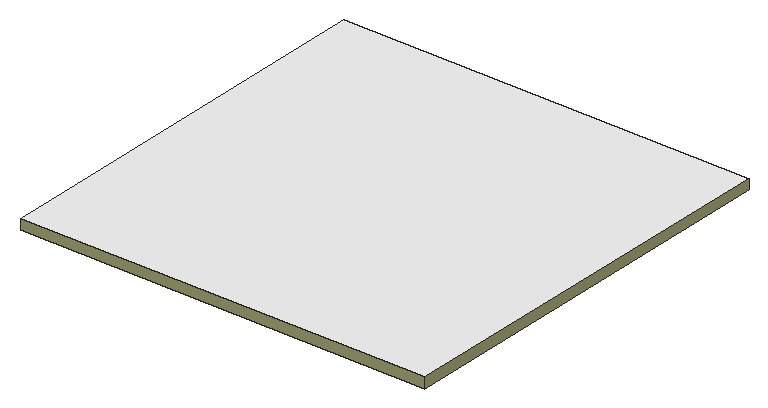
Revit family "Classictone (NRC0.9)  15mm thickness (coated edge)", category Generic Models, host Face, Revit 2020
Family settings
  Host = Face
  Can host rebar = No
  Round Connector Dimension = Use Diameter
  Part Type = Normal
  Cut with Voids When Loaded = No
  Shared = No
  Room Calculation Point = No
Parameters (values of type "15mm (603 x 603 mm)")
  Width [instance] = 603 mm
  Type of Insulation = "Glass Mineral wool slab"
  Thermal R value = 0.65
  Thermal K value = 0.0309
  Remarks = ""
  NRC = "0.90"
  Material Specification = ""
  Manufacturer = "PGF Insulation Sdn. Bhd."
  Insulation Thickness = 15 mm
  Length(mm) [instance] = 603 mm
  Finish = Classictone
  ECOWOOL Product thickness in mm = ""
  Description = "Description DuctGuard external duct wrap, the new generation glass mineral wool insulation manufactured by PGF Insulation provides traditional sheet metal ducts with improved thermal insulation. The external glass mineral wool duct wrap has been engineered to provide the highest level of insulation performance for building occupants to achieve the optimum level of indoor comfort deserved.  \r\nECOWOOL Classic DuctGuard external duct wrap is pre-laminated with a vapour barrier facing material. .\r\n\r\nDescription DuctGuard external duct wrap, the new generation glass mineral wool insulation manufactured by PGF Insulation provides traditional sheet metal ducts with improved thermal insulation. The external glass mineral wool duct wrap has been engineered to provide the highest level of insulation performance for building occupants to achieve the optimum level of indoor comfort deserved.  \r\nECOWOOL Classic DuctGuard external duct wrap is pre-laminated with a vapour barrier facing materia\r\nDescription DuctGuard external duct wrap, the new generation glass mineral wool insulation manufactured by PGF Insulation provides traditional sheet metal ducts with improved thermal insulation. The external glass mineral wool duct wrap has been engineered to provide the highest level of insulation performance for building occupants to achieve the optimum level of indoor comfort deserved.  \r\nECOWOOL Classic DuctGuard external duct wrap is pre-laminated with a vapour barrier facing materia\r\nDescription DuctGuard external duct wrap, the new generation glass mineral wool insulation manufactured by PGF Insulation provides traditional sheet metal ducts with improved thermal insulation. The external glass mineral wool duct wrap has been engineered to provide the highest level of insulation performance for building occupants to achieve the optimum level of indoor comfort deserved.  \r\nECOWOOL Classic DuctGuard external duct wrap is pre-laminated with a vapour barrier facing materia\r\nDescription DuctGuard external duct wrap, the new generation glass mineral wool insulation manufactured by PGF Insulation provides traditional sheet metal ducts with improved thermal insulation. The external glass mineral wool duct wrap has been engineered to provide the highest level of insulation performance for building occupants to achieve the optimum level of indoor comfort deserved.  \r\nECOWOOL Classic DuctGuard external duct wrap is pre-laminated with a vapour barrier facing materia\r\nDescription DuctGuard external duct wrap, the new generation glass mineral wool insulation manufactured by PGF Insulation provides traditional sheet metal ducts with improved thermal insulation. The external glass mineral wool duct wrap has been engineered to provide the highest level of insulation performance for building occupants to achieve the optimum level of indoor comfort deserved.  \r\nECOWOOL Classic DuctGuard external duct wrap is pre-laminated with a vapour barrier facing materia\r\nDescription DuctGuard external duct wrap, the new generation glass mineral wool insulation manufactured by PGF Insulation provides traditional sheet metal ducts with improved thermal insulation. The external glass mineral wool duct wrap has been engineered to provide the highest level of insulation performance for building occupants to achieve the optimum level of indoor comfort deserved.  \r\nECOWOOL Classic DuctGuard external duct wrap is pre-laminated with a vapour barrier facing materia\r\nDescription DuctGuard external duct wrap, the new generation glass mineral wool insulation manufactured by PGF Insulation provides traditional sheet metal ducts with improved thermal insulation. The external glass mineral wool duct wrap has been engineered to provide the highest level of insulation performance for building occupants to achieve the optimum level of indoor comfort deserved.  \r\nECOWOOL Classic DuctGuard external duct wrap is pre-laminated with a vapour barrier facing materia\r\nDescription DuctGuard external duct wrap, the new generation glass mineral wool insulation manufactured by PGF Insulation provides traditional sheet metal ducts with improved thermal insulation. The external glass mineral wool duct wrap has been engineered to provide the highest level of insulation performance for building occupants to achieve the optimum level of indoor comfort deserved.  \r\nECOWOOL Classic DuctGuard external duct wrap is pre-laminated with a vapour barrier facing materia\r\nDescription DuctGuard external duct wrap, the new generation glass mineral wool insulation manufactured by PGF Insulation provides traditional sheet metal ducts with improved thermal insulation. The external glass mineral wool duct wrap has been engineered to provide the highest level of insulation performance for building occupants to achieve the optimum level of indoor comfort deserved.  \r\nECOWOOL Classic DuctGuard external duct wrap is pre-laminated with a vapour barrier facing material\r\nDescription DuctGuard external duct wrap, the new generation glass mineral wool insulation manufactured by PGF Insulation provides traditional sheet metal ducts with improved thermal insulation. The external glass mineral wool duct wrap has been engineered to provide the highest level of insulation performance for building occupants to achieve the optimum level of indoor comfort deserved.  \r\nECOWOOL Classic DuctGuard external duct wrap is pre-laminated with a vapour barrier facing material\r\nDescription DuctGuard external duct wrap, the new generation glass mineral wool insulation manufactured by PGF Insulation provides traditional sheet metal ducts with improved thermal insulation. The external glass mineral wool duct wrap has been engineered to provide the highest level of insulation performance for building occupants to achieve the optimum level of indoor comfort deserved.  \r\nECOWOOL Classic DuctGuard external duct wrap is pre-laminated with a vapour barrier facing material\r\nDescription DuctGuard external duct wrap, the new generation glass mineral wool insulation manufactured by PGF Insulation provides traditional sheet metal ducts with improved thermal insulation. The external glass mineral wool duct wrap has been engineered to provide the highest level of insulation performance for building occupants to achieve the optimum level of indoor comfort deserved.  \r\nECOWOOL Classic DuctGuard external duct wrap is pre-laminated with a vapour barrier facing material\r\nDescription DuctGuard external duct wrap, the new generation glass mineral wool insulation manufactured by PGF Insulation provides traditional sheet metal ducts with improved thermal insulation. The external glass mineral wool duct wrap has been engineered to provide the highest level of insulation performance for building occupants to achieve the optimum level of indoor comfort deserved.  \r\nECOWOOL Classic DuctGuard external duct wrap is pre-laminated with a vapour barrier facing material\r\nDescription DuctGuard external duct wrap, the new generation glass mineral wool insulation manufactured by PGF Insulation provides traditional sheet metal ducts with improved thermal insulation. The external glass mineral wool duct wrap has been engineered to provide the highest level of insulation performance for building occupants to achieve the optimum level of indoor comfort deserved.  \r\nECOWOOL Classic DuctGuard external duct wrap is pre-laminated with a vapour barrier facing material\r\nDescription DuctGuard external duct wrap, the new generation glass mineral wool insulation manufactured by PGF Insulation provides traditional sheet metal ducts with improved thermal insulation. The external glass mineral wool duct wrap has been engineered to provide the highest level of insulation performance for building occupants to achieve the optimum level of indoor comfort deserved.  \r\nECOWOOL Classic DuctGuard external duct wrap is pre-laminated with a vapour barrier facing material"
  Density = 32.00 kg/m³
  Default Elevation = 1219.2 mm
Types (5, lengths in mm): name | Width | Length(mm)
  (no name) | 603 | 603
  15mm (603 x 1212 mm) | 603 | 1212
  15mm (603 x 603 mm) | 603 | 603
  15mm (595 x 595mm) | 595 | 595
  15mm (595 x 1195mm) | 595 | 1195
Reference planes
  plane 1 "Center (Front/Back)": y = 0
  plane 2: z = 0
  plane 3 "Center (Left/Right)": x = 0
  plane 4: x = 603
  plane 5: y = -301.5
  plane 6: y = 301.5
Forms (mm)
  Sweep 1, solid, material "Classictone" <- "Finish"
    path origin (0, 0, 0) x (1, 0, 0) y (0, 1, 0)
      loop
        line (0, 0) -> (603, 0)
    profile origin (301.5, 0, 0) x (0, 1, 0) y (0, 0, 1)
      loop
        line (-301.5, 15) -> (-301.5, 0) -> (301.5, 0) -> (301.5, 15) -> (-301.5, 15)
Lines and regions (mm)
  reference lines
    curve 1: line (0, 0, 0) -> (603, 0, 0)
Dimensions and locks
  "Width": plane 5 to plane 6
  equal spacing: plane 5, plane 1 "Center (Front/Back)", plane 6
  "Length(mm)": plane 3 "Center (Left/Right)" to plane 4
  "Insulation Thickness": host face to Sweep 1 sketch curve
  aligned and locked: plane 2 to host face
  aligned and locked: level to host face
  aligned and locked: plane 3 "Center (Left/Right)" to curve 1
  aligned and locked: plane 4 to curve 1
  aligned and locked: plane 3 "Center (Left/Right)" to Sweep 1 sketch curve
  aligned and locked: plane 4 to Sweep 1 sketch curve
  aligned and locked: level to Sweep 1 sketch curve
  aligned and locked: plane 6 to Sweep 1 sketch curve
  aligned and locked: Sweep 1 sketch curve to plane 5
Automatic sketch dimensions
  host sketch curve to host sketch curve = 617.106 mm
  host sketch curve to host sketch curve = 723.918 mm
  plane 1 "Center (Front/Back)" to curve 1 = 0 mm
  plane 1 "Center (Front/Back)" to Sweep 1 sketch curve = 0 mm
